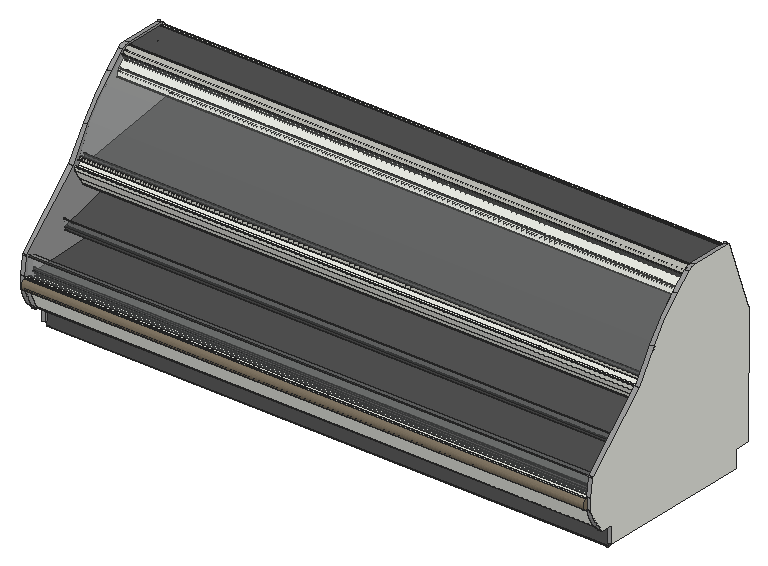
Revit family "CR3-F_2014", category Specialty Equipment, Revit 2014
Parameters (values of type "12'-0" Length")
  Width = 144"
  Waste Drain = 1 1/2"  # constant formula
  Upper Drain = if(Width = 48", 32", if(Width = 72", 44", if(Width = 96", 56", if(Width = 144", 77", 0"))))  # 77"
  URL = "www.hussmann.com"
  Type Comments = "Chino"  # constant formula
  Trim = Stainless Steel
  Total Weight = Case Weight + (2 * End Weight)  # 0.00 lbf
  Splashguard = Textured Sheet Metal (Steel Painted) - 701 Black
  Side Panel - Right [instance] = yes
  Side Panel - Left [instance] = yes
  Shelves = Sheet Metal (Steel Painted) - 701 Black
  Revit Family Date = "09/15/2016"  # constant formula
  Refrigeration Lines Suction = 5/8"  # constant formula
  Refrigeration Lines Liquid = 3/8"  # constant formula
  Refrig. Suction = "Suction"
  Refrig. Liquid = "Liquid"
  Number of Supports = if(Width < 70", 2, if(Width < 140", 3, 4))  # 4
  Note from Manufacturer = "This model only comes in 4'-0\", 6'-0\", 8'-0\", and 12'-0\" lengths."
  Model URL = "http://www.hussmann.com/en/product%20viewer/display-cases/R3M,%20CR3M,%20R3F,%20CR3F"
  Model = "CR3-F"  # constant formula
  Manufacturer Disclaimer = "The information in this file is not intended to be an exact representation of the corresponding Hussmann product.  Further, we reserve the right to change or revise specifications and product design in connection with any feature of our products. Such changes do not entitle the buyer to corresponding changes, improvements, additions, or replacements for equipment previously sold or shipped."  # constant formula
  Manufacturer = "Hussmann Corporation"  # constant formula
  Lower Drain = if(Width = 48", 7", if(Width = 72", 41", if(Width = 96", 53", if(Width = 144", 65", 0"))))  # 65"
  Height = 53 1/4"  # constant formula
  Glazing = Glass
  Ends = Textured Sheet Metal (Steel Painted) - 149 White Satin Matte
  End Weight = 0.00 lbf  # constant formula
  Door Frame = Plastic - 144 Mist Gray
  Description = "Service Seafood Top, Multi-Deck, Self-Service Front Merchandiser with Refrigerated or Dry Rear Storage - Curved Glass"  # constant formula
  Depth = 51 3/8"  # constant formula
  Cutsheet URL = "http://www.hussmann.com/en/Technical%20Documents/R3-M,%20CR3-M,%20R3-F,%20CR3-F_ds_En.pdf"
  Case Weight = if(Width = 48", 0.00 lbf, if(Width = 72", 0.00 lbf, if(Width = 96", 0.00 lbf, if(Width = 144", 0.00 lbf, 0.00 lbf))))  # 0.00 lbf
  Case Interior - Side Panel = Stainless Steel
  Case Interior - Back Panel = Stainless Steel
  Case = Textured Sheet Metal (Steel Painted) - 149 White Satin Matte
  Bumper = Extruded PVC - 747 Chocolate Brown
  Assembly Code = ""
  Accessories/Options = ""
  8 Case = Width = 96"  # no
  6 Case = Width = 72"  # no
  4 Case = Width = 48"  # no
  12 Case = Width = 144"  # yes
Reference planes (in)
  plane 1 "Back": y = 0
  plane 2 "Bottom": z = 0
  plane 3 "Top": z = 53.25
  plane 4 "Left": x = -77.30699
  plane 5 "Front": y = -51.375
  plane 6 "Center (Left/Right)": x = -5.30699
  plane 7: x = -78.43199
  plane 8 "Right": x = 66.69301
  plane 9: x = 67.81801
Forms (in)
  Extrusion 1, solid, material "Metal - Copper"
    sketch origin (63.0625, 1.04319, 0) x (1, 0, 0) y (0, 1, 0)
      loop
        arc (-76.49449, -39.16819) -> (-77.02482, -39.38786) -> (-77.24449, -39.91819) r 0.75
        arc (-77.24449, -39.91819) -> (-77.02482, -40.44852) -> (-76.49449, -40.66819) r 0.75
        arc (-76.49449, -40.66819) -> (-75.96416, -40.44852) -> (-75.74449, -39.91819) r 0.75
        arc (-75.74449, -39.91819) -> (-75.96416, -39.38786) -> (-76.49449, -39.16819) r 0.75
      loop
        circle (-76.49449, -39.91819) r 0.7102
    from 5.98508 to 0
  Extrusion 2, solid, material "Metal - Copper"
    sketch origin (57.40105, 5, -0.375) x (1, 0, 0) y (0, 1, 0)
      loop
        circle (2.97946, -42.125) r 0.28859
      loop
        circle (2.97946, -42.125) r 0.3125
    from 6.36008 to 0.375
  Extrusion 3, solid, material "Metal - Copper"
    sketch origin (59.82608, 5, -0.375) x (1, 0, 0) y (0, 1, 0)
      loop
        circle (1.05443, -42.125) r 0.17188
      loop
        circle (1.05443, -42.125) r 0.1875
    from 6.36008 to 0.375
  Extrusion 4, solid, material "Textured Sheet Metal (Steel Painted) - 149 White Satin Matte" <- "Case"
    sketch origin (-5.30699, 0, 0) x (0, 1, 0) y (0, 0, 1)
      loop
        line (-33.38837, 32.56835) -> (-32.48582, 33.74457)
        arc (-32.48582, 33.74457) -> (-32.43851, 33.76986) -> (-32.38829, 33.75097) r 0.065
        line (-32.38829, 33.75097) -> (-31.8949, 33.25757)
        arc (-31.8949, 33.25757) -> (-31.88081, 33.23648) -> (-31.87586, 33.21161) r 0.065
        line (-31.87586, 33.21161) -> (-31.87586, 32.51032)
        arc (-31.87586, 32.51032) -> (-31.87184, 32.49532) -> (-31.86086, 32.48434) r 0.03
        line (-31.86086, 32.48434) -> (-29.72273, 31.24989) -> (-28.88555, 31.3975)
        arc (-28.88555, 31.3975) -> (-28.83699, 31.38674) -> (-28.81026, 31.34478) r 0.065
        line (-28.81026, 31.34478) -> (-28.71363, 30.79681)
        arc (-28.71363, 30.79681) -> (-28.7013, 30.77744) -> (-28.67888, 30.77247) r 0.03
        line (-28.67888, 30.77247) -> (-27.45089, 30.989)
        arc (-27.45089, 30.989) -> (-27.40232, 30.97823) -> (-27.37559, 30.93628) r 0.065
        line (-27.37559, 30.93628) -> (-27.32528, 30.65098)
        arc (-27.32528, 30.65098) -> (-27.31599, 30.63406) -> (-27.29832, 30.6263) r 0.03
        line (-27.29832, 30.6263) -> (-26.84553, 30.58709) -> (-26.86198, 30.39712) -> (-19.20364, 29.99547) -> (-15.18644, 29.99547) -> (-4.3474, 30.51941) -> (-4.3474, 35.42711) -> (-2.94716, 35.42711) -> (-2.98168, 35.52197) -> (-4.51597, 35.52197)
        arc (-4.51597, 35.52197) -> (-4.53525, 35.51495) -> (-4.54551, 35.49718) r 0.03
        line (-4.54551, 35.49718) -> (-4.63952, 34.96406) -> (-4.70058, 34.97482) -> (-4.60657, 35.50794)
        arc (-4.60657, 35.50794) -> (-4.57511, 35.56244) -> (-4.51597, 35.58397) r 0.092
        line (-4.51597, 35.58397) -> (-2.23313, 35.58397) -> (-0.23594, 36.31089)
        arc (-0.23594, 36.31089) -> (-0.16559, 36.30782) -> (-0.11802, 36.2559) r 0.092
        line (-0.11802, 36.2559) -> (-0.00555, 35.94689)
        arc (-0.00555, 35.94689) -> (-0.0014, 35.9314) -> (0, 35.91542) r 0.092
        line (0, 35.91542) -> (0, 35.28405) -> (-0.02202, 35.03232) -> (-0.08379, 35.03772) -> (-0.062, 35.28806) -> (-0.062, 35.41322) -> (-0.27598, 35.41322) -> (-0.20665, 35.15451) -> (-0.20665, 28.41908) -> (-18.65057, 28.41908) -> (-18.65057, 7.54708) -> (-0.27157, 7.54708) -> (-0.27157, 5.90808)
        arc (-0.27157, 5.90808) -> (-0.29061, 5.86212) -> (-0.33657, 5.84308) r 0.065
        line (-0.33657, 5.84308) -> (-0.96459, 5.84308)
        arc (-0.96459, 5.84308) -> (-1.01438, 5.8663) -> (-1.0286, 5.91937) r 0.065
        line (-1.0286, 5.91937) -> (-0.92787, 6.49062) -> (-0.92787, 7.41108) -> (-2.27987, 7.41108) -> (-2.27987, 6.70416)
        arc (-2.27987, 6.70416) -> (-2.28779, 6.66436) -> (-2.31033, 6.63062) r 0.104
        line (-2.31033, 6.63062) -> (-2.99941, 5.94154)
        arc (-2.99941, 5.94154) -> (-3.03315, 5.91899) -> (-3.07295, 5.91108) r 0.104
        line (-3.07295, 5.91108) -> (-3.85387, 5.91108) -> (-3.85387, 5.98508) -> (-46.47246, 5.98508) -> (-46.54679, 5.78148)
        arc (-46.54679, 5.78148) -> (-46.60508, 5.73883) -> (-46.66679, 5.77636) r 0.065
        line (-46.66679, 5.77636) -> (-49.32381, 11.48883) -> (-50.2838, 11.48883)
        arc (-50.2838, 11.48883) -> (-50.34921, 11.51592) -> (-50.3763, 11.58133) r 0.0925
        line (-50.3763, 11.58133) -> (-50.3763, 14.20466)
        arc (-50.3763, 14.20466) -> (-50.34921, 14.27007) -> (-50.2838, 14.29716) r 0.0925
        line (-50.2838, 14.29716) -> (-49.57204, 14.29716)
        arc (-49.57204, 14.29716) -> (-49.50663, 14.27007) -> (-49.47954, 14.20466) r 0.0925
        line (-49.47954, 14.20466) -> (-49.47954, 13.11258) -> (-48.99211, 13.11258) -> (-48.99211, 13.96008) -> (-48.92961, 13.96008) -> (-48.92961, 13.58908) -> (-48.6086, 13.26808) -> (-47.30761, 13.26808) -> (-47.30761, 13.33008) -> (-46.87061, 13.33008) -> (-46.87061, 13.92649)
        arc (-46.87061, 13.92649) -> (-46.84366, 13.99154) -> (-46.77861, 14.01849) r 0.092
        line (-46.77861, 14.01849) -> (-45.83661, 14.01849)
        arc (-45.83661, 14.01849) -> (-45.77155, 13.99154) -> (-45.74461, 13.92649) r 0.092
        line (-45.74461, 13.92649) -> (-45.74461, 13.33008) -> (-45.39961, 13.33008)
        arc (-45.39961, 13.33008) -> (-45.33455, 13.30313) -> (-45.30761, 13.23808) r 0.092
        line (-45.30761, 13.23808) -> (-45.30761, 12.89308) -> (-45.36572, 12.89308) -> (-45.36572, 12.67135) -> (-45.43818, 12.40092) -> (-45.49855, 12.4171) -> (-45.42822, 12.67958) -> (-45.42822, 12.7762) -> (-46.47046, 12.7762) -> (-46.47046, 7.60758) -> (-19.73888, 7.60758) -> (-18.87522, 8.47125) -> (-18.87522, 10.98732) -> (-19.81272, 10.98732) -> (-19.81272, 11.22133) -> (-18.84907, 11.22133) -> (-18.84907, 28.20482) -> (-21.33057, 28.20482) -> (-21.33057, 24.603) -> (-21.46745, 24.603) -> (-21.46745, 23.87685) -> (-21.50774, 23.47946)
        arc (-21.50774, 23.47946) -> (-21.58178, 23.4217) -> (-21.63626, 23.49819) r 0.065
        line (-21.63626, 23.49819) -> (-21.50245, 24.20033) -> (-21.50245, 26.80753) -> (-22.46803, 27.77311) -> (-28.51585, 27.77311)
        arc (-28.51585, 27.77311) -> (-28.53268, 27.77533) -> (-28.54835, 27.78182) r 0.065
        line (-28.54835, 27.78182) -> (-30.14557, 28.70397) -> (-31.02158, 28.70397) -> (-31.21157, 28.59427)
        arc (-31.21157, 28.59427) -> (-31.22554, 28.57605) -> (-31.22254, 28.55328) r 0.03
        line (-31.22254, 28.55328) -> (-31.10515, 28.34998)
        arc (-31.10515, 28.34998) -> (-31.09865, 28.30066) -> (-31.12893, 28.26119) r 0.065
        line (-31.12893, 28.26119) -> (-31.96462, 27.77863)
        arc (-31.96462, 27.77863) -> (-32.01394, 27.77214) -> (-32.05341, 27.80242) r 0.065
        line (-32.05341, 27.80242) -> (-32.18495, 28.03022) -> (-32.14741, 28.0519) -> (-33.019, 29.56079) -> (-33.08089, 29.52506) -> (-34.33754, 31.61446) -> (-34.60221, 32.75898)
        arc (-34.60221, 32.75898) -> (-34.58024, 32.82376) -> (-34.51246, 32.83301) r 0.065
        line (-34.51246, 32.83301) -> (-34.30068, 32.73881) -> (-34.31866, 32.69839) -> (-33.54184, 32.32792) -> (-33.39162, 32.5637)
      loop
        line (-7.7013, 52.90428) -> (-17.15757, 52.90428) -> (-17.15757, 50.83167) -> (-18.95248, 50.83167)
        arc (-18.95248, 50.83167) -> (-18.98787, 50.82463) -> (-19.01788, 50.80458) r 0.0925
        line (-19.01788, 50.80458) -> (-20.44006, 49.3824)
        arc (-20.44006, 49.3824) -> (-20.46011, 49.2816) -> (-20.37465, 49.2245) r 0.0925
        line (-20.37465, 49.2245) -> (-20.45838, 49.2245)
        arc (-20.45838, 49.2245) -> (-20.49795, 49.21106) -> (-20.52116, 49.17632) r 0.065
        line (-20.52116, 49.17632) -> (-20.96518, 47.51924)
        arc (-20.96518, 47.51924) -> (-20.91949, 47.43971) -> (-20.83975, 47.48505) r 0.065
        line (-20.83975, 47.48505) -> (-20.75047, 47.807) -> (-20.7842, 47.81636) -> (-20.87348, 47.4944)
        arc (-20.87348, 47.4944) -> (-20.91028, 47.47348) -> (-20.93137, 47.51019) r 0.03
        line (-20.93137, 47.51019) -> (-20.50953, 49.0845) -> (-20.47593, 49.0755) -> (-20.47593, 48.56476)
        arc (-20.47593, 48.56476) -> (-20.45543, 48.51526) -> (-20.40593, 48.49476) r 0.07
        line (-20.40593, 48.49476) -> (-19.18749, 48.49476)
        arc (-19.18749, 48.49476) -> (-19.14153, 48.5138) -> (-19.12249, 48.55976) r 0.065
        line (-19.12249, 48.55976) -> (-19.12249, 49.1595)
        arc (-19.12249, 49.1595) -> (-19.14153, 49.20546) -> (-19.18749, 49.2245) r 0.065
        line (-19.18749, 49.2245) -> (-19.4124, 49.2245) -> (-19.4124, 49.287) -> (-20.08187, 49.287) -> (-18.85794, 50.51093) -> (-10.33522, 50.51093) -> (-10.33522, 50.81867) -> (-8.18319, 50.81867) -> (-8.3657, 50.31723)
        arc (-8.3657, 50.31723) -> (-8.3631, 50.25759) -> (-8.31908, 50.21726) r 0.078
        line (-8.31908, 50.21726) -> (-7.21684, 49.81607)
        arc (-7.21684, 49.81607) -> (-7.19016, 49.81137) -> (-7.16349, 49.81607) r 0.078
        line (-7.16349, 49.81607) -> (-5.87825, 50.28386)
        arc (-5.87825, 50.28386) -> (-5.83424, 50.32419) -> (-5.83163, 50.38383) r 0.078
        arc (-5.83163, 50.38383) -> (-5.78406, 50.33192) -> (-5.71372, 50.32885) r 0.092
        line (-5.71372, 50.32885) -> (-5.41208, 50.43863)
        arc (-5.41208, 50.43863) -> (-5.36016, 50.4862) -> (-5.35709, 50.55655) r 0.092
        line (-5.35709, 50.55655) -> (-6.30348, 53.15672)
        arc (-6.30348, 53.15672) -> (-6.41404, 53.30081) -> (-6.58726, 53.35543) r 0.302
        line (-6.58726, 53.35543) -> (-7.1713, 53.35543)
        arc (-7.1713, 53.35543) -> (-7.23635, 53.32848) -> (-7.2633, 53.26343) r 0.092
        line (-7.2633, 53.26343) -> (-7.2633, 52.98303) -> (-7.6233, 52.98303)
        arc (-7.6233, 52.98303) -> (-7.67872, 52.95992) -> (-7.7013, 52.90428) r 0.078
      loop
        arc (-8.70629, 49.87386) -> (-8.55803, 49.99329) -> (-8.49628, 50.17339) r 0.34306
        line (-8.49628, 50.17339) -> (-8.49245, 50.25227) -> (-8.62388, 50.25405) -> (-18.46227, 50.3871) -> (-18.46058, 50.30815)
        arc (-18.46058, 50.30815) -> (-18.4035, 50.12616) -> (-18.25803, 50.0028) r 0.34295
        arc (-18.25803, 50.0028) -> (-18.21882, 49.96922) -> (-18.20356, 49.91992) r 0.093
        line (-18.20356, 49.91992) -> (-18.159, 48.15335)
        spline (-18.159, 48.15335) -> (-18.15533, 48.09935) -> (-18.14707, 48.04586) -> (-18.1343, 47.99327) -> (-18.11709, 47.94196) -> (-18.09558, 47.89229) -> (-18.06991, 47.84464) -> (-18.04029, 47.79934) -> (-18.00691, 47.75672) -> (-17.97003, 47.7171) -> (-17.9299, 47.68077) -> (-17.88683, 47.64797) -> (-17.84113, 47.61896)
        line (-17.84113, 47.61896) -> (-16.08485, 46.60647)
        spline (-16.08485, 46.60647) -> (-16.05336, 46.58834) -> (-16.02231, 46.57049) -> (-15.99206, 46.55314) -> (-15.96298, 46.53649) -> (-15.9354, 46.52074) -> (-15.90965, 46.50608) -> (-15.88605, 46.49268) -> (-15.86487, 46.48071) -> (-15.84637, 46.47029) -> (-15.83076, 46.46157) -> (-15.81823, 46.45464) -> (-15.80892, 46.44958)
        arc (-15.80892, 46.44958) -> (-15.75024, 46.42542) -> (-15.68736, 46.41686) r 0.24938
        line (-15.68736, 46.41686) -> (-10.05286, 46.3406) -> (-9.7997, 47.24959) -> (-9.40546, 47.63315)
        spline (-9.40546, 47.63315) -> (-9.39704, 47.6417) -> (-9.38901, 47.65061) -> (-9.38138, 47.65987) -> (-9.37415, 47.66944) -> (-9.36735, 47.67932) -> (-9.36099, 47.68949) -> (-9.35508, 47.69993) -> (-9.34963, 47.71061) -> (-9.34465, 47.72153) -> (-9.34015, 47.73265) -> (-9.33614, 47.74395) -> (-9.33263, 47.75542)
        line (-9.33263, 47.75542) -> (-8.7574, 49.79094)
        arc (-8.7574, 49.79094) -> (-8.74105, 49.84073) -> (-8.7004, 49.87378) r 0.09302
    from 72 to -72
  Extrusion 5, solid, material "Sheet Metal (Steel Painted) - 701 Black" <- "Shelves"
    sketch origin (-5.30699, 0, 0) x (0, 1, 0) y (0, 0, 1)
      loop
        line (-47.61712, 14.45678) -> (-47.60219, 13.99202) -> (-20.77257, 14.85426) -> (-20.77257, 24.58807) -> (-21.46057, 24.58807) -> (-21.46057, 15.3324) -> (-47.61825, 14.49176)
        arc (-47.61825, 14.49176) -> (-47.63973, 14.49986) -> (-47.6492, 14.52078) r 0.03
        line (-47.6492, 14.52078) -> (-47.68035, 15.49028)
        arc (-47.68035, 15.49028) -> (-47.75306, 15.55273) -> (-47.80894, 15.47486) r 0.065
        line (-47.80894, 15.47486) -> (-47.73857, 15.13915) -> (-47.70432, 15.14633) -> (-47.68418, 14.51966)
        arc (-47.68418, 14.51966) -> (-47.66367, 14.47433) -> (-47.61712, 14.45678) r 0.065
    from 72 to -72
  Extrusion 6, solid, material "Sheet Metal (Steel Painted) - 701 Black" <- "Shelves"
    sketch origin (-5.30699, 0, 0) x (0, 1, 0) y (0, 0, 1)
      loop
        arc (-37.37591, 20.55304) -> (-37.41386, 20.52392) -> (-37.4201, 20.4765) r 0.0625
        line (-37.4201, 20.4765) -> (-37.20032, 19.65628) -> (-37.45375, 19.58853) -> (-37.62233, 20.31883) -> (-37.68275, 20.30488) -> (-37.51403, 19.5741)
        arc (-37.51403, 19.5741) -> (-37.48555, 19.53491) -> (-37.43757, 19.52816) r 0.062
        line (-37.43757, 19.52816) -> (-36.59239, 19.75463) -> (-36.60996, 19.82019)
        arc (-36.60996, 19.82019) -> (-36.5977, 19.83875) -> (-36.59726, 19.86099) r 0.04
        line (-36.59726, 19.86099) -> (-36.77098, 20.52878) -> (-35.92628, 20.75209) -> (-35.88731, 20.60665) -> (-35.804, 20.62897)
        arc (-35.804, 20.62897) -> (-35.77744, 20.62547) -> (-35.76113, 20.60422) r 0.035
        line (-35.76113, 20.60422) -> (-35.68092, 20.30489)
        arc (-35.68092, 20.30489) -> (-35.66826, 20.27965) -> (-35.64666, 20.26146) r 0.07
        line (-35.64666, 20.26146) -> (-35.12588, 19.97927)
        arc (-35.12588, 19.97927) -> (-35.04917, 19.98586) -> (-35.02491, 20.05893) r 0.07
        line (-35.02491, 20.05893) -> (-35.07702, 20.25341) -> (-21.79848, 23.74887)
        arc (-21.79848, 23.74887) -> (-21.76053, 23.77799) -> (-21.75428, 23.82542) r 0.0625
        line (-21.75428, 23.82542) -> (-21.9484, 24.54987)
        arc (-21.9484, 24.54987) -> (-21.97752, 24.58782) -> (-22.02494, 24.59406) r 0.0625
        line (-22.02494, 24.59406) -> (-37.37591, 20.55304)
    from 72 to -72
  Extrusion 7, solid, material "Glass" <- "Glazing"
    sketch origin (-5.30699, 0, 0) x (0, 1, 0) y (0, 0, 1)
      loop
        line (-38.15322, 22.24812) -> (-37.44146, 19.59182) -> (-37.19994, 19.65639) -> (-37.91173, 22.31283)
        arc (-37.91173, 22.31283) -> (-38.06483, 22.40122) -> (-38.15322, 22.24812) r 0.125
    from 72 to -72
  Extrusion 8, solid, material "Glass" <- "Glazing"
    sketch origin (-5.30699, 0, 0) x (0, 1, 0) y (0, 0, 1)
      loop
        line (-49.47954, 18.6907) -> (-49.47954, 13.11258) -> (-48.99211, 13.11258) -> (-48.99211, 18.61243)
        arc (-48.99211, 18.61243) -> (-49.20247, 18.85926) -> (-49.47954, 18.6907) r 0.25
    from 72 to -72
  Extrusion 9, solid, material "Extruded PVC - 747 Chocolate Brown" <- "Bumper"
    sketch origin (-5.30699, 0, 0) x (0, 1, 0) y (0, 0, 1)
      loop
        arc (-50.3763, 13.97878) -> (-51.3763, 12.72878) -> (-50.3763, 11.47878) r 1.28125
        line (-50.3763, 11.47878) -> (-50.3763, 13.97878)
    from 72 to -72
  Extrusion 10, solid, material "Sheet Metal (Steel Painted) - 701 Black" <- "Shelves"
    sketch origin (-5.30699, 0, 0) x (0, 1, 0) y (0, 0, 1)
      loop
        line (-7.38303, 53.29798) -> (-17.05429, 53.29798) -> (-17.09366, 53.25861) -> (-17.09366, 53.02831) -> (-16.98879, 52.90767) -> (-16.79783, 52.90767) -> (-16.73329, 52.98302) -> (-7.38303, 52.98302) -> (-7.34366, 53.02239) -> (-7.34366, 53.25861) -> (-7.38303, 53.29798)
    from 72 to -72
  Extrusion 11, solid, material "Plastic - 144 Mist Gray" <- "Door Frame"
    sketch origin (-5.30699, 0, 0) x (0, 1, 0) y (0, 0, 1)
      loop
        line (-32.96754, 34.44172) -> (-33.23095, 33.77271)
        arc (-33.23095, 33.77271) -> (-33.23011, 33.72527) -> (-33.19597, 33.69231) r 0.062
        line (-33.19597, 33.69231) -> (-32.96467, 33.60295)
        arc (-32.96467, 33.60295) -> (-32.91766, 33.6039) -> (-32.88483, 33.63756) r 0.062
        line (-32.88483, 33.63756) -> (-32.87204, 33.66924)
        arc (-32.87204, 33.66924) -> (-32.83903, 33.70299) -> (-32.79184, 33.70372) r 0.062
        line (-32.79184, 33.70372) -> (-32.72201, 33.67623)
        arc (-32.72201, 33.67623) -> (-32.66747, 33.73008) -> (-32.68762, 33.80403) r 0.07595
        line (-32.68762, 33.80403) -> (-32.66677, 33.85729) -> (-32.51145, 33.71117) -> (-32.3787, 33.88418) -> (-32.54549, 34.14124)
        arc (-32.54549, 34.14124) -> (-32.489, 34.18537) -> (-32.49373, 34.2569) r 0.07661
        line (-32.49373, 34.2569) -> (-32.64938, 34.31713)
        arc (-32.64938, 34.31713) -> (-32.66833, 34.31835) -> (-32.68443, 34.30828) r 0.031
        arc (-32.68443, 34.30828) -> (-32.81429, 33.98404) -> (-32.94132, 33.65868) r 40
        line (-32.94132, 33.65868) -> (-33.17394, 33.75027)
        arc (-33.17394, 33.75027) -> (-33.04315, 34.08514) -> (-32.90937, 34.41882) r 40.25
        line (-32.90937, 34.41882) -> (-32.96754, 34.44172)
      loop
        line (-18.83593, 51.52449) -> (-18.6385, 51.17915)
        arc (-18.6385, 51.17915) -> (-18.55725, 51.08594) -> (-18.44638, 51.03119) r 0.31496
        line (-18.44638, 51.03119) -> (-17.69979, 50.83167) -> (-17.15757, 50.83167) -> (-17.15757, 52.90428) -> (-16.98584, 52.90428) -> (-17.06801, 52.99881) -> (-17.13592, 52.99881) -> (-17.13592, 53.27146)
        arc (-17.13592, 53.27146) -> (-17.14169, 53.28538) -> (-17.15561, 53.29115) r 0.01969
        line (-17.15561, 53.29115) -> (-17.23567, 53.29115)
        arc (-17.23567, 53.29115) -> (-17.40817, 53.06189) -> (-17.49374, 52.78804) r 0.84252
        line (-17.49374, 52.78804) -> (-17.56189, 52.78518)
        arc (-17.56189, 52.78518) -> (-17.51746, 52.98456) -> (-17.43036, 53.16932) r 0.9252
        arc (-17.43036, 53.16932) -> (-17.43084, 53.19069) -> (-17.45052, 53.19902) r 0.01968
        arc (-17.45052, 53.19902) -> (-18.50854, 52.75906) -> (-19.2771, 51.9092) r 2.61653
        arc (-19.2771, 51.9092) -> (-19.27989, 51.87327) -> (-19.25227, 51.85012) r 0.03937
        line (-19.25227, 51.85012) -> (-18.61303, 52.29494) -> (-18.48735, 52.38442)
        arc (-18.48735, 52.38442) -> (-18.42794, 52.3978) -> (-18.37675, 52.36481) r 0.07874
        line (-18.37675, 52.36481) -> (-18.31698, 52.27768) -> (-18.44492, 52.27232) -> (-18.49919, 52.15378) -> (-18.44373, 52.07574)
        arc (-18.44373, 52.07574) -> (-18.43706, 52.04602) -> (-18.45358, 52.02044) r 0.03937
        line (-18.45358, 52.02044) -> (-18.58078, 51.93334) -> (-19.06946, 51.59874)
        arc (-19.06946, 51.59874) -> (-19.09424, 51.56037) -> (-19.08424, 51.5158) r 0.05905
        line (-19.08424, 51.5158) -> (-19.01642, 51.42037)
        arc (-19.01642, 51.42037) -> (-19.00366, 51.41237) -> (-18.98897, 51.41573) r 0.01969
        line (-18.98897, 51.41573) -> (-18.83593, 51.52449)
    from 72 to -72
  Extrusion 12, solid, material "Textured Sheet Metal (Steel Painted) - 701 Black" <- "Splashguard"
    sketch origin (-5.30699, 0, 0) x (0, 1, 0) y (0, 0, 1)
      loop
        arc (-43.33825, 5.48508) -> (-43.363, 5.47483) -> (-43.37325, 5.45008) r 0.035
        line (-43.37325, 5.45008) -> (-43.37325, 0.02008)
        arc (-43.37325, 0.02008) -> (-43.363, -0.00467) -> (-43.33825, -0.01492) r 0.035
        line (-43.33825, -0.01492) -> (-42.83825, -0.01492)
        arc (-42.83825, -0.01492) -> (-42.8135, -0.00467) -> (-42.80325, 0.02008) r 0.035
        line (-42.80325, 0.02008) -> (-42.80325, 0.39508) -> (-42.88512, 0.39508) -> (-42.88512, 5.07508) -> (-42.80325, 5.07508) -> (-42.80325, 5.45008)
        arc (-42.80325, 5.45008) -> (-42.8135, 5.47483) -> (-42.83825, 5.48508) r 0.035
        line (-42.83825, 5.48508) -> (-43.33825, 5.48508)
      loop
        line (-4.19387, 5.48508) -> (-4.19387, 0.45495) -> (-3.8561, 0.05241) -> (-3.47425, -0.01492) -> (-3.46817, 0.01955) -> (-3.83748, 0.08467) -> (-4.15887, 0.46769) -> (-4.15887, 5.48508) -> (-4.19387, 5.48508)
    from 72 to -72
  Extrusion 13, solid, material "Sheet Metal (Steel Painted) - 701 Black" <- "Shelves"
    sketch origin (-5.30699, 0, 0) x (0, 1, 0) y (0, 0, 1)
      loop
        line (-31.55758, 34.4698) -> (-31.55758, 32.48712)
        arc (-31.55758, 32.48712) -> (-31.54887, 32.45462) -> (-31.52508, 32.43083) r 0.065
        line (-31.52508, 32.43083) -> (-29.98423, 31.54123)
        arc (-29.98423, 31.54123) -> (-29.96536, 31.53396) -> (-29.94517, 31.53285) r 0.065
        line (-29.94517, 31.53285) -> (-5.17852, 34.04513)
        arc (-5.17852, 34.04513) -> (-5.14515, 34.0585) -> (-5.124, 34.08756) r 0.065
        line (-5.124, 34.08756) -> (-4.58417, 35.57073)
        arc (-4.58417, 35.57073) -> (-4.57319, 35.58505) -> (-4.55598, 35.59047) r 0.03
        line (-4.55598, 35.59047) -> (-4.10698, 35.59047)
        arc (-4.10698, 35.59047) -> (-4.06102, 35.60951) -> (-4.04198, 35.65547) r 0.065
        line (-4.04198, 35.65547) -> (-4.04198, 36.25032)
        arc (-4.04198, 36.25032) -> (-4.02448, 36.26782) -> (-4.00698, 36.25032) r 0.0175
        line (-4.00698, 36.25032) -> (-4.00698, 35.90281) -> (-3.97198, 35.90281) -> (-3.97198, 36.25032)
        arc (-3.97198, 36.25032) -> (-4.02448, 36.30282) -> (-4.07698, 36.25032) r 0.0525
        line (-4.07698, 36.25032) -> (-4.08506, 36.3022) -> (-30.92725, 32.12609) -> (-31.50758, 32.46114)
        arc (-31.50758, 32.46114) -> (-31.51856, 32.47212) -> (-31.52258, 32.48712) r 0.03
        line (-31.52258, 32.48712) -> (-31.52258, 34.4698)
        arc (-31.52258, 34.4698) -> (-31.50508, 34.4873) -> (-31.48758, 34.4698) r 0.0175
        line (-31.48758, 34.4698) -> (-31.48758, 34.12229) -> (-31.45258, 34.12229) -> (-31.45258, 34.4698)
        arc (-31.45258, 34.4698) -> (-31.50508, 34.5223) -> (-31.55758, 34.4698) r 0.0525
    from 72 to -72
  Extrusion 14, solid, material "Glass" <- "Glazing"
    sketch origin (-5.30699, 0, 0) x (0, 1, 0) y (0, 0, 1)
      loop
        line (-18.48736, 52.0493) -> (-18.63016, 52.2545)
        arc (-18.63016, 52.2545) -> (-27.28477, 44.08917) -> (-33.17394, 33.75027) r 40.25
        line (-33.17394, 33.75027) -> (-32.94132, 33.65868)
        arc (-32.94132, 33.65868) -> (-27.08866, 43.93412) -> (-18.48736, 52.0493) r 40
    from 72 to -72
  Extrusion 15, solid, material "Metal - Copper"
    sketch origin (-56.6875, 24.04319, 0) x (1, 0, 0) y (0, 1, 0)
      loop
        arc (56.38051, -40.66819) -> (55.85018, -40.88786) -> (55.63051, -41.41819) r 0.75
        arc (55.63051, -41.41819) -> (55.85018, -41.94852) -> (56.38051, -42.16819) r 0.75
        arc (56.38051, -42.16819) -> (56.91084, -41.94852) -> (57.13051, -41.41819) r 0.75
        arc (57.13051, -41.41819) -> (56.91084, -40.88786) -> (56.38051, -40.66819) r 0.75
      loop
        circle (56.38051, -41.41819) r 0.7102
    from 5.98508 to 0
  Extrusion 16, solid, material "Glass" <- "Glazing"
    sketch origin (-5.30699, 0, 0) x (0, 1, 0) y (0, 0, 1)
      loop
        line (-47.77768, 18.51872) -> (-47.6492, 14.52078) -> (-47.39933, 14.52881) -> (-47.52781, 18.52675) -> (-47.77768, 18.51872)
    from 72 to -72
  Extrusion 17, solid, material "Stainless Steel" <- "Case Interior - Back Panel", visible <- "12 Case"
    sketch origin (-77.30699, 0, 0) x (0, 1, 0) y (0, 0, 1)
      loop
        line (-3.0039, 35.56897) -> (-2.27433, 35.56897) -> (-0.17956, 36.33141) -> (-5.4525, 50.81867) -> (-8.55461, 50.81867) -> (-3.0039, 35.56897)
    from 144 to 143.5
  Extrusion 18, solid, material "Stainless Steel" <- "Case Interior - Back Panel", visible <- "12 Case"
    sketch origin (-77.30699, 0, 0) x (0, 1, 0) y (0, 0, 1)
      loop
        line (-3.0039, 35.56897) -> (-2.27433, 35.56897) -> (-0.17956, 36.33141) -> (-5.4525, 50.81867) -> (-8.55461, 50.81867) -> (-3.0039, 35.56897)
    from 96.5 to 95.5
  Extrusion 19, solid, material "Stainless Steel" <- "Case Interior - Back Panel", visible <- "12 Case"
    sketch origin (-77.30699, 0, 0) x (0, 1, 0) y (0, 0, 1)
      loop
        line (-3.0039, 35.56897) -> (-2.27433, 35.56897) -> (-0.17956, 36.33141) -> (-5.4525, 50.81867) -> (-8.55461, 50.81867) -> (-3.0039, 35.56897)
    from 48.5 to 47.5
  Extrusion 20, solid, material "Stainless Steel" <- "Case Interior - Back Panel", visible <- "12 Case"
    sketch origin (-77.30699, 0, 0) x (0, 1, 0) y (0, 0, 1)
      loop
        line (-3.0039, 35.56897) -> (-2.27433, 35.56897) -> (-0.17956, 36.33141) -> (-5.4525, 50.81867) -> (-8.55461, 50.81867) -> (-3.0039, 35.56897)
    from 0.5 to 0
  Extrusion 21, solid, material "Stainless Steel" <- "Case Interior - Back Panel", visible <- "12 Case", not visible
    sketch origin (-77.30699, 0, 0) x (0, 1, 0) y (0, 0, 1)
      loop
        line (-3.0039, 35.56897) -> (-2.27433, 35.56897) -> (-0.17956, 36.33141) -> (-5.4525, 50.81867) -> (-8.55461, 50.81867) -> (-3.0039, 35.56897)
    from 144 to 143.5
  Extrusion 22, solid, material "Stainless Steel" <- "Case Interior - Back Panel", visible <- "12 Case", not visible
    sketch origin (-77.30699, 0, 0) x (0, 1, 0) y (0, 0, 1)
      loop
        line (-3.0039, 35.56897) -> (-2.27433, 35.56897) -> (-0.17956, 36.33141) -> (-5.4525, 50.81867) -> (-8.55461, 50.81867) -> (-3.0039, 35.56897)
    from 96.5 to 95.5
  Extrusion 23, solid, material "Stainless Steel" <- "Case Interior - Back Panel", visible <- "12 Case", not visible
    sketch origin (-77.30699, 0, 0) x (0, 1, 0) y (0, 0, 1)
      loop
        line (-3.0039, 35.56897) -> (-2.27433, 35.56897) -> (-0.17956, 36.33141) -> (-5.4525, 50.81867) -> (-8.55461, 50.81867) -> (-3.0039, 35.56897)
    from 48.5 to 47.5
  Extrusion 24, solid, material "Stainless Steel" <- "Case Interior - Back Panel", visible <- "12 Case", not visible
    sketch origin (-77.30699, 0, 0) x (0, 1, 0) y (0, 0, 1)
      loop
        line (-3.0039, 35.56897) -> (-2.27433, 35.56897) -> (-0.17956, 36.33141) -> (-5.4525, 50.81867) -> (-8.55461, 50.81867) -> (-3.0039, 35.56897)
    from 0.5 to 0
  Extrusion 25, solid, material "Stainless Steel" <- "Case Interior - Back Panel", visible <- "8 Case"
    sketch origin (-77.30699, 0, 0) x (0, 1, 0) y (0, 0, 1)
      loop
        line (-3.0039, 35.56897) -> (-2.27433, 35.56897) -> (-0.17956, 36.33141) -> (-5.4525, 50.81867) -> (-8.55461, 50.81867) -> (-3.0039, 35.56897)
    from 96 to 95.5
  Extrusion 26, solid, material "Stainless Steel" <- "Case Interior - Back Panel", visible <- "8 Case"
    sketch origin (-77.30699, 0, 0) x (0, 1, 0) y (0, 0, 1)
      loop
        line (-3.0039, 35.56897) -> (-2.27433, 35.56897) -> (-0.17956, 36.33141) -> (-5.4525, 50.81867) -> (-8.55461, 50.81867) -> (-3.0039, 35.56897)
    from 48.5 to 47.5
  Extrusion 27, solid, material "Stainless Steel" <- "Case Interior - Back Panel", visible <- "8 Case"
    sketch origin (-77.30699, 0, 0) x (0, 1, 0) y (0, 0, 1)
      loop
        line (-3.0039, 35.56897) -> (-2.27433, 35.56897) -> (-0.17956, 36.33141) -> (-5.4525, 50.81867) -> (-8.55461, 50.81867) -> (-3.0039, 35.56897)
    from 0.5 to 0
  Extrusion 28, solid, material "Stainless Steel" <- "Case Interior - Back Panel", visible <- "8 Case", not visible
    sketch origin (-77.30699, 0, 0) x (0, 1, 0) y (0, 0, 1)
      loop
        line (-3.0039, 35.56897) -> (-2.27433, 35.56897) -> (-0.17956, 36.33141) -> (-5.4525, 50.81867) -> (-8.55461, 50.81867) -> (-3.0039, 35.56897)
    from 96 to 95.5
  Extrusion 29, solid, material "Stainless Steel" <- "Case Interior - Back Panel", visible <- "8 Case", not visible
    sketch origin (-77.30699, 0, 0) x (0, 1, 0) y (0, 0, 1)
      loop
        line (-3.0039, 35.56897) -> (-2.27433, 35.56897) -> (-0.17956, 36.33141) -> (-5.4525, 50.81867) -> (-8.55461, 50.81867) -> (-3.0039, 35.56897)
    from 48.5 to 47.5
  Extrusion 30, solid, material "Stainless Steel" <- "Case Interior - Back Panel", visible <- "8 Case", not visible
    sketch origin (-77.30699, 0, 0) x (0, 1, 0) y (0, 0, 1)
      loop
        line (-3.0039, 35.56897) -> (-2.27433, 35.56897) -> (-0.17956, 36.33141) -> (-5.4525, 50.81867) -> (-8.55461, 50.81867) -> (-3.0039, 35.56897)
    from 0.5 to 0
  Extrusion 31, solid, material "Stainless Steel" <- "Case Interior - Back Panel", visible <- "6 Case"
    sketch origin (-77.30699, 0, 0) x (0, 1, 0) y (0, 0, 1)
      loop
        line (-3.0039, 35.56897) -> (-2.27433, 35.56897) -> (-0.17956, 36.33141) -> (-5.4525, 50.81867) -> (-8.55461, 50.81867) -> (-3.0039, 35.56897)
    from 72 to 71.5
  Extrusion 32, solid, material "Stainless Steel" <- "Case Interior - Back Panel", visible <- "6 Case"
    sketch origin (-77.30699, 0, 0) x (0, 1, 0) y (0, 0, 1)
      loop
        line (-3.0039, 35.56897) -> (-2.27433, 35.56897) -> (-0.17956, 36.33141) -> (-5.4525, 50.81867) -> (-8.55461, 50.81867) -> (-3.0039, 35.56897)
    from 0.5 to 0
  Extrusion 33, solid, material "Stainless Steel" <- "Case Interior - Back Panel", visible <- "6 Case", not visible
    sketch origin (-72.99499, 10.38492, -11.25191) x (0, 1, 0) y (0, 0, 1)
      loop
        line (-3.0039, 35.56897) -> (-2.27433, 35.56897) -> (-0.17956, 36.33141) -> (-5.4525, 50.81867) -> (-8.55461, 50.81867) -> (-3.0039, 35.56897)
    from 72 to 71.5
  Extrusion 34, solid, material "Stainless Steel" <- "Case Interior - Back Panel", visible <- "6 Case", not visible
    sketch origin (-72.99499, 10.38492, -11.25191) x (0, 1, 0) y (0, 0, 1)
      loop
        line (-3.0039, 35.56897) -> (-2.27433, 35.56897) -> (-0.17956, 36.33141) -> (-5.4525, 50.81867) -> (-8.55461, 50.81867) -> (-3.0039, 35.56897)
    from 0.5 to 0
  Extrusion 35, solid, material "Stainless Steel" <- "Case Interior - Back Panel", visible <- "4 Case"
    sketch origin (-77.30699, 0, 0) x (0, 1, 0) y (0, 0, 1)
      loop
        line (-3.0039, 35.56897) -> (-2.27433, 35.56897) -> (-0.17956, 36.33141) -> (-5.4525, 50.81867) -> (-8.55461, 50.81867) -> (-3.0039, 35.56897)
    from 48 to 47.5
  Extrusion 36, solid, material "Stainless Steel" <- "Case Interior - Back Panel", visible <- "4 Case"
    sketch origin (-77.30699, 0, 0) x (0, 1, 0) y (0, 0, 1)
      loop
        line (-3.0039, 35.56897) -> (-2.27433, 35.56897) -> (-0.17956, 36.33141) -> (-5.4525, 50.81867) -> (-8.55461, 50.81867) -> (-3.0039, 35.56897)
    from 0.5 to 0
  Extrusion 37, solid, material "Stainless Steel" <- "Case Interior - Back Panel", visible <- "4 Case", not visible
    sketch origin (-77.30699, 0, 0) x (0, 1, 0) y (0, 0, 1)
      loop
        line (-3.0039, 35.56897) -> (-2.27433, 35.56897) -> (-0.17956, 36.33141) -> (-5.4525, 50.81867) -> (-8.55461, 50.81867) -> (-3.0039, 35.56897)
    from 48 to 47.5
  Extrusion 38, solid, material "Stainless Steel" <- "Case Interior - Back Panel", visible <- "4 Case", not visible
    sketch origin (-77.30699, 0, 0) x (0, 1, 0) y (0, 0, 1)
      loop
        line (-3.0039, 35.56897) -> (-2.27433, 35.56897) -> (-0.17956, 36.33141) -> (-5.4525, 50.81867) -> (-8.55461, 50.81867) -> (-3.0039, 35.56897)
    from 0.5 to 0
  Extrusion 39, solid, material "Textured Sheet Metal (Steel Painted) - 149 White Satin Matte" <- "Ends", visible <- "Side Panel - Right"
    sketch origin (66.69301, 0, 0) x (0, 0, 1) y (0, -1, 0)
      loop
        line (14.37387, 50.38318) -> (11.46764, 50.38318)
        arc (11.46764, 50.38318) -> (11.43063, 50.38042) -> (11.39444, 50.37222) r 0.25
        arc (11.39444, 50.37222) -> (8.20563, 48.95814) -> (5.44554, 46.82504) r 14.53568
        arc (5.44554, 46.82504) -> (5.38353, 46.72102) -> (5.36534, 46.60129) r 0.315
        line (5.36534, 46.60129) -> (5.36534, 43.99457)
        arc (5.36534, 43.99457) -> (5.2555, 43.72941) -> (4.99034, 43.61957) r 0.375
        line (4.99034, 43.61957) -> (1, 43.61957) -> (1, 3.98561) -> (4.99034, 3.98561)
        arc (4.99034, 3.98561) -> (5.2555, 3.87577) -> (5.36534, 3.61061) r 0.375
        line (5.36534, 3.61061) -> (5.36534, 0.20665)
        arc (5.36534, 0.20665) -> (5.43856, 0.02988) -> (5.61534, -0.04335) r 0.25
        line (5.61534, -0.04335) -> (36.42209, -0.04335)
        arc (36.42209, -0.04335) -> (36.4655, -0.03955) -> (36.5076, -0.02827) r 0.25
        line (36.5076, -0.02827) -> (53.39927, 6.1198)
        arc (53.39927, 6.1198) -> (53.51856, 6.21132) -> (53.56377, 6.35472) r 0.25
        line (53.56377, 6.35472) -> (53.56377, 16.83404)
        arc (53.56377, 16.83404) -> (53.36675, 17.90328) -> (52.80158, 18.83208) r 3
        line (52.80158, 18.83208) -> (49.42736, 22.61123)
        arc (49.42736, 22.61123) -> (45.2531, 26.65963) -> (40.54209, 30.0685) r 40.5
        line (40.54209, 30.0685) -> (33.07243, 34.69494)
        arc (33.07243, 34.69494) -> (33.03286, 34.72316) -> (32.99726, 34.75626) r 0.375
        line (32.99726, 34.75626) -> (18.99101, 49.5861)
        arc (18.99101, 49.5861) -> (18.89401, 49.66584) -> (18.7802, 49.7189) r 0.5
        arc (18.7802, 49.7189) -> (16.593, 50.15696) -> (14.37387, 50.38318) r 23.22394
    from 0 to 1.125
  Extrusion 40, solid, material "Textured Sheet Metal (Steel Painted) - 149 White Satin Matte" <- "Ends", visible <- "Side Panel - Left"
    sketch origin (-77.30699, 5.00314, 0) x (0, 1, 0) y (0, 0, 1)
      loop
        line (-39.7594, 32.99726) -> (-54.58923, 18.99101)
        arc (-54.58923, 18.99101) -> (-54.66897, 18.89401) -> (-54.72203, 18.7802) r 0.5
        arc (-54.72203, 18.7802) -> (-55.1601, 16.593) -> (-55.38631, 14.37387) r 23.22394
        line (-55.38631, 14.37387) -> (-55.38631, 11.46764)
        arc (-55.38631, 11.46764) -> (-55.38356, 11.43063) -> (-55.37536, 11.39444) r 0.25
        arc (-55.37536, 11.39444) -> (-53.96127, 8.20563) -> (-51.82818, 5.44554) r 14.53568
        arc (-51.82818, 5.44554) -> (-51.72416, 5.38353) -> (-51.60443, 5.36534) r 0.315
        line (-51.60443, 5.36534) -> (-48.99771, 5.36534)
        arc (-48.99771, 5.36534) -> (-48.73254, 5.2555) -> (-48.62271, 4.99034) r 0.375
        line (-48.62271, 4.99034) -> (-48.62271, 1) -> (-8.98874, 1) -> (-8.98874, 4.99034)
        arc (-8.98874, 4.99034) -> (-8.87891, 5.2555) -> (-8.61374, 5.36534) r 0.375
        line (-8.61374, 5.36534) -> (-5.20979, 5.36534)
        arc (-5.20979, 5.36534) -> (-5.03301, 5.43856) -> (-4.95979, 5.61534) r 0.25
        line (-4.95979, 5.61534) -> (-4.95979, 36.42209)
        arc (-4.95979, 36.42209) -> (-4.96359, 36.4655) -> (-4.97487, 36.5076) r 0.25
        line (-4.97487, 36.5076) -> (-11.12293, 53.39927)
        arc (-11.12293, 53.39927) -> (-11.21446, 53.51856) -> (-11.35786, 53.56377) r 0.25
        line (-11.35786, 53.56377) -> (-21.83718, 53.56377)
        arc (-21.83718, 53.56377) -> (-22.90642, 53.36675) -> (-23.83522, 52.80158) r 3
        line (-23.83522, 52.80158) -> (-27.61437, 49.42736)
        arc (-27.61437, 49.42736) -> (-31.66276, 45.2531) -> (-35.07163, 40.54209) r 40.5
        line (-35.07163, 40.54209) -> (-39.69808, 33.07243)
        arc (-39.69808, 33.07243) -> (-39.7263, 33.03286) -> (-39.7594, 32.99726) r 0.375
    from -1.125 to 0
Lines and regions (in)
  reference lines
    curve 1: line (-75.99499, -51.375, 0) -> (-75.99499, 0, 0)
    curve 2: line (-0.30699, -51.375, 0) -> (-0.30699, 0, 0)
    curve 3: line (-13.43199, -51.375, 0) -> (-13.43199, 0, 0)
    curve 4: line (65.38051, -51.375, 0) -> (65.38051, 0, 0)
    curve 5: line (60.69301, -51.375, 0) -> (60.69301, 0, 0)
    curve 6: line (-77.30699, -38.875, 0) -> (66.69301, -38.875, 0)
    curve 7: line (66.69301, -37.125, 0) -> (-77.30699, -37.125, 0)
    curve 8: line (-77.30699, -17.375, 0) -> (66.69301, -17.375, 0)
Dimensions and locks (in)
  equal spacing: plane 4 "Left", plane 6 "Center (Left/Right)", plane 8 "Right"
  locked: plane 7 to plane 4 "Left" at 1.125
  "Width": plane 4 "Left" to plane 8 "Right"
  plane 4 "Left" to curve 1 = 1.312"
  "Upper Drain": plane 4 "Left" to curve 2
  locked: curve 4 to plane 8 "Right" at 1.3125
  "Lower Drain": plane 7 to curve 3
  "Depth": plane 5 "Front" to plane 1 "Back"
  locked: curve 5 to plane 8 "Right" at 6
  "Height": plane 3 "Top" to level
  locked: plane 1 "Back" to curve 8 at 17.375
  locked: curve 7 to plane 5 "Front" at 14.25
  locked: plane 8 "Right" to plane 9 at 1.125
  locked: Extrusion 1 sketch curve to Extrusion 1 sketch curve at 0.0398
  locked: Extrusion 3 sketch curve to Extrusion 3 sketch curve at 0.01562
  locked: Extrusion 2 sketch curve to Extrusion 2 sketch curve at 0.02391
  locked: Extrusion 15 sketch curve to Extrusion 15 sketch curve at 0.0398
  locked: curve 6 to plane 5 "Front" at 12.5
  nested 1 to plane 1 "Back" = 5 7/8"
  equal spacing: group 1, group 11, group 12, group 2  (x3)
  "Waste Drain": diameter of Extrusion 1 sketch curve
  "Refrigeration Lines Liquid": diameter of Extrusion 3 sketch curve
  "Refrigeration Lines Suction": diameter of Extrusion 2 sketch curve
  "Waste Drain": diameter of Extrusion 15 sketch curve
  aligned and locked: plane 5 "Front" to curve 3
  aligned and locked: plane 5 "Front" to curve 4
  aligned and locked: plane 5 "Front" to curve 2
  aligned and locked: plane 5 "Front" to curve 1
  aligned and locked: plane 4 "Left" to curve 6
  aligned and locked: plane 4 "Left" to curve 7
  aligned and locked: plane 8 "Right" to curve 7
  aligned and locked: plane 8 "Right" to curve 6
  aligned and locked: Extrusion 2 to level
  aligned and locked: Extrusion 3 to level
  aligned and locked: curve 7 to Extrusion 3 sketch curve  (x4)
  aligned and locked: curve 7 to Extrusion 2 sketch curve  (x4)
  aligned and locked: curve 6 to Extrusion 1 sketch curve  (x3)
  aligned and locked: curve 3 to Extrusion 1 sketch curve
  aligned and locked: curve 5 to Extrusion 3 sketch curve
  aligned and locked: curve 5 to Extrusion 2 sketch curve
  aligned and locked: Extrusion 1 to level
  aligned and locked: Extrusion 3 to plane 2 "Bottom"
  aligned and locked: Extrusion 2 to plane 2 "Bottom"
  aligned and locked: Extrusion 2 to Extrusion 1
  aligned and locked: Extrusion 3 to Extrusion 1
  aligned and locked: Extrusion 4 to plane 4 "Left"
  aligned and locked: plane 8 "Right" to Extrusion 4
  aligned and locked: Extrusion 11 to plane 4 "Left"
  aligned and locked: plane 8 "Right" to Extrusion 11
  aligned and locked: Extrusion 6 to plane 4 "Left"
  aligned and locked: plane 8 "Right" to Extrusion 6
  aligned and locked: Extrusion 7 to plane 4 "Left"
  aligned and locked: plane 8 "Right" to Extrusion 7
  aligned and locked: Extrusion 8 to plane 4 "Left"
  aligned and locked: plane 8 "Right" to Extrusion 8
  aligned and locked: Extrusion 9 to plane 4 "Left"
  aligned and locked: plane 8 "Right" to Extrusion 9
  aligned and locked: Extrusion 12 to plane 4 "Left"
  aligned and locked: plane 8 "Right" to Extrusion 12
  aligned and locked: plane 8 "Right" to Extrusion 5
  aligned and locked: Extrusion 5 to plane 4 "Left"
  aligned and locked: Extrusion 13 to plane 4 "Left"
  aligned and locked: plane 8 "Right" to Extrusion 13
  aligned and locked: Extrusion 14 to plane 4 "Left"
  aligned and locked: plane 8 "Right" to Extrusion 14
  aligned and locked: Extrusion 10 to plane 4 "Left"
  aligned and locked: plane 8 "Right" to Extrusion 10
  aligned and locked: Extrusion 1 to Extrusion 4
  aligned and locked: curve 8 to Extrusion 15 sketch curve
  aligned and locked: Extrusion 15 to Extrusion 1
  aligned and locked: curve 1 to nested 1
  aligned and locked: curve 4 to nested 2
  aligned and locked: nested 2 to nested 1
  aligned and locked: plane 4 "Left" to nested 4
  aligned and locked: plane 4 "Left" to nested 5
  aligned and locked: plane 4 "Left" to nested 6
  aligned and locked: plane 4 "Left" to nested 8
  aligned and locked: plane 4 "Left" to nested 18
  aligned and locked: Extrusion 16 to plane 4 "Left"
  aligned and locked: plane 8 "Right" to Extrusion 16
  aligned and locked: plane 4 "Left" to nested 20
  aligned and locked: plane 4 "Left" to nested 23
  aligned and locked: Extrusion 39 to plane 8 "Right"
  aligned and locked: plane 9 to Extrusion 39
  aligned and locked: plane 7 to Extrusion 40
  aligned and locked: plane 4 "Left" to Extrusion 40
Automatic sketch dimensions
  Extrusion 18 sketch curve to Extrusion 18 sketch curve = 3.10211"
  Extrusion 18 sketch curve to Extrusion 18 sketch curve = 2.4486"
  Extrusion 18 sketch curve to Extrusion 18 sketch curve = 0.72957"
  Extrusion 18 sketch curve to Extrusion 18 sketch curve = 2.09477"
  Extrusion 18 sketch curve to Extrusion 18 sketch curve = 0.76243"
  Extrusion 17 sketch curve to Extrusion 17 sketch curve = 3.10211"
  Extrusion 17 sketch curve to Extrusion 17 sketch curve = 2.4486"
  Extrusion 17 sketch curve to Extrusion 17 sketch curve = 0.72957"
  Extrusion 17 sketch curve to Extrusion 17 sketch curve = 2.09477"
  Extrusion 17 sketch curve to Extrusion 17 sketch curve = 0.76243"
  Extrusion 19 sketch curve to Extrusion 19 sketch curve = 3.10211"
  Extrusion 19 sketch curve to Extrusion 19 sketch curve = 2.4486"
  Extrusion 19 sketch curve to Extrusion 19 sketch curve = 0.72957"
  Extrusion 19 sketch curve to Extrusion 19 sketch curve = 2.09477"
  Extrusion 19 sketch curve to Extrusion 19 sketch curve = 0.76243"
  Extrusion 20 sketch curve to Extrusion 20 sketch curve = 3.10211"
  Extrusion 20 sketch curve to Extrusion 20 sketch curve = 2.4486"
  Extrusion 20 sketch curve to Extrusion 20 sketch curve = 0.72957"
  Extrusion 20 sketch curve to Extrusion 20 sketch curve = 2.09477"
  Extrusion 20 sketch curve to Extrusion 20 sketch curve = 0.76243"
  Extrusion 25 sketch curve to Extrusion 25 sketch curve = 3.10211"
  Extrusion 25 sketch curve to Extrusion 25 sketch curve = 2.4486"
  Extrusion 25 sketch curve to Extrusion 25 sketch curve = 0.72957"
  Extrusion 25 sketch curve to Extrusion 25 sketch curve = 2.09477"
  Extrusion 25 sketch curve to Extrusion 25 sketch curve = 0.76243"
  Extrusion 26 sketch curve to Extrusion 26 sketch curve = 3.10211"
  Extrusion 26 sketch curve to Extrusion 26 sketch curve = 2.4486"
  Extrusion 26 sketch curve to Extrusion 26 sketch curve = 0.72957"
  Extrusion 26 sketch curve to Extrusion 26 sketch curve = 2.09477"
  Extrusion 26 sketch curve to Extrusion 26 sketch curve = 0.76243"
  Extrusion 27 sketch curve to Extrusion 27 sketch curve = 3.10211"
  Extrusion 27 sketch curve to Extrusion 27 sketch curve = 2.4486"
  Extrusion 27 sketch curve to Extrusion 27 sketch curve = 0.72957"
  Extrusion 27 sketch curve to Extrusion 27 sketch curve = 2.09477"
  Extrusion 27 sketch curve to Extrusion 27 sketch curve = 0.76243"
  Extrusion 31 sketch curve to Extrusion 31 sketch curve = 3.10211"
  Extrusion 31 sketch curve to Extrusion 31 sketch curve = 2.4486"
  Extrusion 31 sketch curve to Extrusion 31 sketch curve = 0.72957"
  Extrusion 31 sketch curve to Extrusion 31 sketch curve = 2.09477"
  Extrusion 31 sketch curve to Extrusion 31 sketch curve = 0.76243"
  Extrusion 32 sketch curve to Extrusion 32 sketch curve = 3.10211"
  Extrusion 32 sketch curve to Extrusion 32 sketch curve = 2.4486"
  Extrusion 32 sketch curve to Extrusion 32 sketch curve = 0.72957"
  Extrusion 32 sketch curve to Extrusion 32 sketch curve = 2.09477"
  Extrusion 32 sketch curve to Extrusion 32 sketch curve = 0.76243"
  Extrusion 35 sketch curve to Extrusion 35 sketch curve = 3.10211"
  Extrusion 35 sketch curve to Extrusion 35 sketch curve = 2.4486"
  Extrusion 35 sketch curve to Extrusion 35 sketch curve = 0.72957"
  Extrusion 35 sketch curve to Extrusion 35 sketch curve = 2.09477"
  Extrusion 35 sketch curve to Extrusion 35 sketch curve = 0.76243"
  Extrusion 36 sketch curve to Extrusion 36 sketch curve = 3.10211"
  Extrusion 36 sketch curve to Extrusion 36 sketch curve = 2.4486"
  Extrusion 36 sketch curve to Extrusion 36 sketch curve = 0.72957"
  Extrusion 36 sketch curve to Extrusion 36 sketch curve = 2.09477"
  Extrusion 36 sketch curve to Extrusion 36 sketch curve = 0.76243"
  Extrusion 4 sketch curve to Extrusion 4 sketch curve = 0"  (x5)
  Extrusion 4 sketch curve to plane 1 "Back" = 0"
  plane 1 "Back" to Extrusion 4 sketch curve = 0.00555"
  plane 1 "Back" to Extrusion 4 sketch curve = 0.02202"
  plane 1 "Back" to Extrusion 4 sketch curve = 0.062"
  Extrusion 4 sketch curve to Extrusion 4 sketch curve = 0.06176"
  Extrusion 4 sketch curve to Extrusion 4 sketch curve = 0.08645"  (x4)
  plane 1 "Back" to Extrusion 4 sketch curve = 0.11802"
  plane 1 "Back" to Extrusion 4 sketch curve = 0.20665"
  Extrusion 4 sketch curve to Extrusion 4 sketch curve = 0.03147"  (x4)
  plane 1 "Back" to Extrusion 4 sketch curve = 0.27157"
  Extrusion 4 sketch curve to Extrusion 4 sketch curve = 0.21398"
  Extrusion 4 sketch curve to Extrusion 4 sketch curve = 0.065"  (x4)
  Extrusion 4 sketch curve to Extrusion 4 sketch curve = 0.6563"
  Extrusion 4 sketch curve to Extrusion 4 sketch curve = 0.62802"
  Extrusion 4 sketch curve to Extrusion 4 sketch curve = 0.06401"  (x3)
  Extrusion 4 sketch curve to Extrusion 4 sketch curve = 1.95716"
  Extrusion 4 sketch curve to Extrusion 4 sketch curve = 1.352"
  Extrusion 4 sketch curve to Extrusion 4 sketch curve = 0.03046"
  Extrusion 4 sketch curve to Extrusion 4 sketch curve = 0.104"
  Extrusion 4 sketch curve to Extrusion 4 sketch curve = 0.71403"
  Extrusion 4 sketch curve to Extrusion 4 sketch curve = 0.03452"
  Extrusion 4 sketch curve to Extrusion 4 sketch curve = 0.68908"  (x2)
  Extrusion 4 sketch curve to Extrusion 4 sketch curve = 0.07354"  (x2)
  Extrusion 4 sketch curve to Extrusion 4 sketch curve = 0.78092"
  Extrusion 4 sketch curve to Extrusion 4 sketch curve = 1.36572"
  Extrusion 4 sketch curve to Extrusion 4 sketch curve = 0.16857"
  Extrusion 4 sketch curve to Extrusion 4 sketch curve = 0.02954"  (x3)
  Extrusion 4 sketch curve to Extrusion 4 sketch curve = 0.06106"  (x3)
  Extrusion 4 sketch curve to Extrusion 4 sketch curve = 0.094"
  plane 1 "Back" to Extrusion 4 sketch curve = 5.35709"
  plane 3 "Top" to Extrusion 4 sketch curve = 2.81137"
  Extrusion 4 sketch curve to Extrusion 4 sketch curve = 0.05499"
  Extrusion 4 sketch curve to Extrusion 4 sketch curve = 0.30164"
  Extrusion 4 sketch curve to Extrusion 4 sketch curve = 0.16454"
  Extrusion 4 sketch curve to Extrusion 4 sketch curve = 0.02668"  (x3)
  plane 3 "Top" to Extrusion 4 sketch curve = 0.09328"
  Extrusion 4 sketch curve to Extrusion 4 sketch curve = 0.94638"
  Extrusion 4 sketch curve to Extrusion 4 sketch curve = 0.28379"
  plane 3 "Top" to Extrusion 4 sketch curve = 3.43393"  (x2)
  Extrusion 4 sketch curve to Extrusion 4 sketch curve = 1.28523"
  Extrusion 4 sketch curve to plane 3 "Top" = 0.10543"
  Extrusion 4 sketch curve to Extrusion 4 sketch curve = 0.58404"
  Extrusion 4 sketch curve to plane 3 "Top" = 0.01343"
  Extrusion 4 sketch curve to Extrusion 4 sketch curve = 0.36"
  Extrusion 4 sketch curve to Extrusion 4 sketch curve = 0.078"
  plane 3 "Top" to Extrusion 4 sketch curve = 2.43133"
  Extrusion 4 sketch curve to Extrusion 4 sketch curve = 0.99303"
  Extrusion 4 sketch curve to Extrusion 4 sketch curve = 0.10921"
  plane 3 "Top" to Extrusion 4 sketch curve = 3.03274"
  plane 3 "Top" to Extrusion 4 sketch curve = 2.93277"
  Extrusion 4 sketch curve to Extrusion 4 sketch curve = 0.0733"  (x4)
  plane 3 "Top" to Extrusion 4 sketch curve = 2.99773"
  Extrusion 4 sketch curve to Extrusion 4 sketch curve = 0.12674"
  plane 3 "Top" to Extrusion 4 sketch curve = 3.07661"
  Extrusion 4 sketch curve to Extrusion 4 sketch curve = 0.00383"
  plane 3 "Top" to Extrusion 4 sketch curve = 2.99595"
  Extrusion 4 sketch curve to Extrusion 4 sketch curve = 0.13143"
  Extrusion 4 sketch curve to Extrusion 4 sketch curve = 0.16815"
  plane 3 "Top" to Extrusion 4 sketch curve = 3.45906"
  Extrusion 4 sketch curve to Extrusion 4 sketch curve = 0.09297"
  Extrusion 4 sketch curve to Extrusion 4 sketch curve = 0.21505"
  Extrusion 4 sketch curve to Extrusion 4 sketch curve = 0.57523"
  plane 3 "Top" to Extrusion 4 sketch curve = 5.61685"
  Extrusion 4 sketch curve to Extrusion 4 sketch curve = 0.07283"
  Extrusion 4 sketch curve to Extrusion 4 sketch curve = 0.39425"
  Extrusion 4 sketch curve to Extrusion 4 sketch curve = 0.25315"
  Extrusion 4 sketch curve to Extrusion 4 sketch curve = 1.4963"
  Extrusion 4 sketch curve to Extrusion 4 sketch curve = 10.83904"
  Extrusion 4 sketch curve to Extrusion 4 sketch curve = 5.63256"
  plane 3 "Top" to Extrusion 4 sketch curve = 6.64353"
  Extrusion 4 sketch curve to Extrusion 4 sketch curve = 0.39943"
  plane 3 "Top" to Extrusion 4 sketch curve = 2.41833"
  Extrusion 4 sketch curve to Extrusion 4 sketch curve = 1.07272"
  plane 3 "Top" to Extrusion 4 sketch curve = 5.63104"
  Extrusion 4 sketch curve to Extrusion 4 sketch curve = 1.75628"
  Extrusion 4 sketch curve to Extrusion 4 sketch curve = 0.96014"
  plane 3 "Top" to Extrusion 4 sketch curve = 5.09665"
  Extrusion 4 sketch curve to Extrusion 4 sketch curve = 0.31787"
  plane 3 "Top" to Extrusion 4 sketch curve = 3.33008"
  Extrusion 4 sketch curve to Extrusion 4 sketch curve = 0.08586"
  Extrusion 4 sketch curve to Extrusion 4 sketch curve = 0.09299"
  plane 3 "Top" to Extrusion 4 sketch curve = 2.94185"
  Extrusion 4 sketch curve to Extrusion 4 sketch curve = 0.34287"
  plane 3 "Top" to Extrusion 4 sketch curve = 2.8629"
  Extrusion 4 sketch curve to Extrusion 4 sketch curve = 0.00169"
  Extrusion 4 sketch curve to Extrusion 4 sketch curve = 3.46413"
  Extrusion 4 sketch curve to Extrusion 4 sketch curve = 0.1985"
  plane 3 "Top" to Extrusion 4 sketch curve = 2.73907"
  Extrusion 4 sketch curve to Extrusion 4 sketch curve = 0.39567"
  Extrusion 4 sketch curve to Extrusion 4 sketch curve = 0.02615"
  Extrusion 4 sketch curve to Extrusion 4 sketch curve = 0.09454"
  plane 3 "Top" to Extrusion 4 sketch curve = 2.44542"
  Extrusion 4 sketch curve to Extrusion 4 sketch curve = 0.06541"  (x2)
  Extrusion 4 sketch curve to Extrusion 4 sketch curve = 0.82594"
  Extrusion 4 sketch curve to Extrusion 4 sketch curve = 0.55307"
  Extrusion 4 sketch curve to Extrusion 4 sketch curve = 0.22491"
  level to Extrusion 4 sketch curve = 7.60758"
  Extrusion 4 sketch curve to Extrusion 4 sketch curve = 1.08831"
  Extrusion 4 sketch curve to Extrusion 4 sketch curve = 0.96365"
  plane 3 "Top" to Extrusion 4 sketch curve = 3.963"
  Extrusion 4 sketch curve to Extrusion 4 sketch curve = 0.66947"
  Extrusion 4 sketch curve to Extrusion 4 sketch curve = 0.29278"
  Extrusion 4 sketch curve to Extrusion 4 sketch curve = 0.03128"
  plane 3 "Top" to Extrusion 4 sketch curve = 3.8676"
  Extrusion 4 sketch curve to Extrusion 4 sketch curve = 0.08373"
  Extrusion 4 sketch curve to Extrusion 4 sketch curve = 0.01755"
  plane 3 "Top" to Extrusion 4 sketch curve = 4.1655"
  Extrusion 4 sketch curve to Extrusion 4 sketch curve = 0.0336"
  plane 3 "Top" to Extrusion 4 sketch curve = 4.07368"
  Extrusion 4 sketch curve to Extrusion 4 sketch curve = 0.06279"
  plane 3 "Top" to Extrusion 4 sketch curve = 5.443"
  Extrusion 4 sketch curve to Extrusion 4 sketch curve = 0.34454"
  plane 3 "Top" to Extrusion 4 sketch curve = 5.43364"
  Extrusion 4 sketch curve to Extrusion 4 sketch curve = 0.03373"
  plane 3 "Top" to Extrusion 4 sketch curve = 5.76495"
  plane 3 "Top" to Extrusion 4 sketch curve = 5.7556"
  Extrusion 4 sketch curve to Extrusion 4 sketch curve = 0.02891"
  plane 3 "Top" to Extrusion 4 sketch curve = 5.73981"
  Extrusion 4 sketch curve to Extrusion 4 sketch curve = 0.02898"
  plane 3 "Top" to Extrusion 4 sketch curve = 5.73076"
  Extrusion 4 sketch curve to Extrusion 4 sketch curve = 2.4815"
  Extrusion 4 sketch curve to Extrusion 4 sketch curve = 0.13688"
  Extrusion 4 sketch curve to Extrusion 4 sketch curve = 11/64"
  Extrusion 4 sketch curve to Extrusion 4 sketch curve = 0.04029"
  Extrusion 4 sketch curve to Extrusion 4 sketch curve = 0.06467"
  Extrusion 4 sketch curve to Extrusion 4 sketch curve = 0.06385"
  Extrusion 4 sketch curve to Extrusion 4 sketch curve = 1.13746"
  Extrusion 4 sketch curve to Extrusion 4 sketch curve = 4.3775"
  Extrusion 4 sketch curve to Extrusion 4 sketch curve = 0.01645"
  Extrusion 4 sketch curve to Extrusion 4 sketch curve = 0.4502"
  Extrusion 4 sketch curve to Extrusion 4 sketch curve = 0.00259"
  Extrusion 4 sketch curve to Extrusion 4 sketch curve = 0.05031"
  Extrusion 4 sketch curve to Extrusion 4 sketch curve = 0.01129"  (x5)
  Extrusion 4 sketch curve to Extrusion 4 sketch curve = 1.65387"
  Extrusion 4 sketch curve to Extrusion 4 sketch curve = 0.0325"  (x3)
  Extrusion 4 sketch curve to Extrusion 4 sketch curve = 1.22799"
  Extrusion 4 sketch curve to Extrusion 4 sketch curve = 0.00521"  (x2)
  Extrusion 4 sketch curve to Extrusion 4 sketch curve = 0.09662"  (x2)
  Extrusion 4 sketch curve to Extrusion 4 sketch curve = 0.83717"
